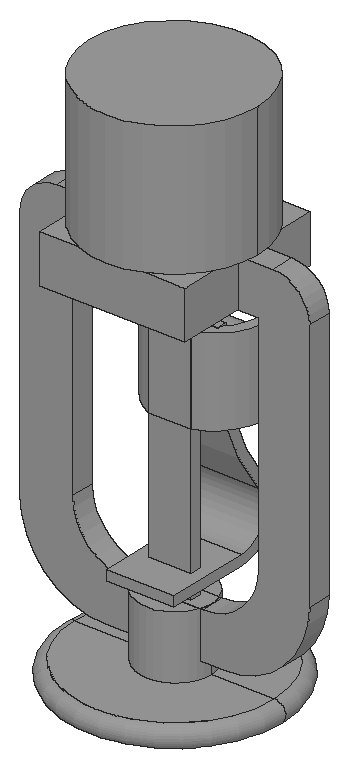
Revit family
Parameters (values of type "RASCO G PENDENT")
  Temperature Rating = 165 °F
  Response = (empty or 0)
  RASCO SIN # = "R1023"
  RASCO Part # = "GP17B"
  Pressure Rating = "175 PSI"
  Pressure Class = (empty or 0)
  Orifice Size = 7/16"
  Orifice = (empty or 0)
  Model = "G"
  Manufacturer = "RASCO"
  K-Factor = 4.24
  Description = "Bronze Finish"
  Coverage = (empty or 0)
Reference planes (in)
  plane 1 "Center (Front/Back)": y = 0
  plane 2: z = 0
  plane 3 "Center (Left/Right)": x = 0
Dimensions and locks (in)
  aligned and locked: plane 2 to level
Nested families (in)
  nested 1: "GP17B" at (-0.0055, 0, 2.93142) x (-1, 0, 0) z (0, 0, -1), type "RASCO G PENDENT"
Connectors (in)
  piping at (-0.0055, 0, 2.93142)
    settings: on nested 1, index 1, connector radius 0.45", flow factor 0, pipe flow 0 GPM, pressure drop 0.00 psi, fitting loss kfactor 0, connector angle 0.00°, fixture units 0, flow configuration 0, flow direction 0, fitting loss method 0, system type 7, connector reference index -1, connector utility 0, adjustable connector no, is connector primary yes, fitting loss table "", connector description ""
Definition of nested family "GP17B"
  Parameters (values of type "RASCO G PENDENT")
    Type Comments = ""
    Temperature Rating = 0 °F
    Response = (empty or 0)
    Pressure Rating = "0"
    Pressure Class = (empty or 0)
    Orifice Size = 0"
    Orifice = (empty or 0)
    Model = ""
    Manufacturer = ""
    K-Factor = 0
    Description = ""
    Coverage = (empty or 0)
    Assembly Code = ""
  Reference planes (in)
    plane 1 "Center (Front/Back)": y = 0
    plane 2: z = 0
    plane 3 "ref.2": z = 0.6875
    plane 4 "ref.3": z = 0.9375
    plane 5: x = -0.38065
    plane 6: x = 0.36935
    plane 7 "ref. side 1": y = 0.06402
    plane 8 "ref. side 2": y = -0.06098
    plane 9 "ref.4": z = 1.875
    plane 10 "ref.5": z = 2.875
    plane 11 "center": x = -0.00574
  Forms (in)
    Extrusion 1, solid, material "Default"
      sketch origin (0, 0, 0) x (1, 0, 0) y (0, 1, 0)
        loop
          circle (0, 0) r 0.438
      from 0 to 0.6875
    Extrusion 2, solid, material "Default"
      sketch origin (-0.12185, 0.05177, 0.6875) x (1, 0, 0) y (0, 1, 0)
        loop
          line (-0.2588, 0.356) -> (-0.2588, -0.4565) -> (0.4912, -0.4565) -> (0.4912, 0.356) -> (-0.2588, 0.356)
      from 0 to 0.25
    Extrusion 3, solid, material "Default"
      sketch origin (0, 0, 0) x (1, 0, 0) y (0, 0, 1)
        loop
          line (-0.49248, 0.9375) -> (-0.49248, 2.10276)
          arc (-0.49248, 2.10276) -> (-0.40724, 2.30855) -> (-0.20145, 2.39379) r 0.29103
          line (-0.20145, 2.39379) -> (0.18108, 2.39379)
          arc (0.18108, 2.39379) -> (0.38905, 2.30765) -> (0.47519, 2.09969) r 0.29411
          line (0.47519, 2.09969) -> (0.47519, 0.9375) -> (0.36935, 0.9375) -> (0.36935, 0.6875) -> (0.55741, 0.6875)
          arc (0.55741, 0.6875) -> (0.69165, 0.7431) -> (0.74725, 0.87734) r 0.18984
          line (0.74725, 0.87734) -> (0.74725, 2.19113)
          arc (0.74725, 2.19113) -> (0.61669, 2.50631) -> (0.3015, 2.63687) r 0.44574
          line (0.3015, 2.63687) -> (-0.30719, 2.63687)
          arc (-0.30719, 2.63687) -> (-0.62225, 2.50637) -> (-0.75275, 2.19131) r 0.44556
          line (-0.75275, 2.19131) -> (-0.75275, 0.87876)
          arc (-0.75275, 0.87876) -> (-0.69673, 0.74352) -> (-0.56149, 0.6875) r 0.19126
          line (-0.56149, 0.6875) -> (-0.38065, 0.6875) -> (-0.38065, 0.9375) -> (-0.49248, 0.9375)
      from -0.06402 to 0.06098
    Extrusion 4, solid, material "Default"
      sketch origin (-0.00199, 0, 2.4375) x (-1, 0, 0) y (0, -1, 0)
        loop
          circle (0.00574, -0.00152) r 0.1875
      from -0.04371 to 0.4375
    Revolve 5, solid, material "Default"
      sketch origin (-0.0011, 0, 0.30638) x (1, 0, 0) y (0, 0, 1)
        loop
          line (-0.00574, 2.41507) -> (-0.00574, 2.52719) -> (-0.52401, 2.52719)
          arc (-0.52401, 2.52719) -> (-0.58007, 2.47113) -> (-0.52401, 2.41507) r 0.05606
          line (-0.52401, 2.41507) -> (-0.00574, 2.41507)
        axis (-0.00574, 2.41507) -> (-0.00574, 2.52719)
      angle from 0 to 360
    Extrusion 6, solid, material "Default"
      sketch origin (0, 0, 0.9375) x (-1, 0, 0) y (0, -1, 0)
        loop
          line (-0.10175, -0.02852) -> (0.11324, -0.02852) -> (0.11324, 0.03101) -> (-0.10175, 0.03101) -> (-0.10175, -0.02852)
      from 0 to 1.45629
    Extrusion 7, solid, material "Default"
      sketch origin (-0.00574, -0.0095, -0.07537) x (0, 0, -1) y (0, -1, 0)
        loop
          line (-2.39379, 0.21198) -> (-2.39379, -0.229)
          arc (-2.39379, -0.229) -> (-2.26956, -0.41579) -> (-2.04926, -0.37342) r 0.20254
          arc (-2.04926, -0.37342) -> (-1.6599, -0.16721) -> (-1.22163, -0.12207) r 1.15319
          line (-1.22163, -0.12207) -> (-1.22163, -0.07087)
          arc (-1.22163, -0.07087) -> (-1.6782, -0.11947) -> (-2.0834, -0.33544) r 1.20419
          arc (-2.0834, -0.33544) -> (-2.24878, -0.36919) -> (-2.34279, -0.229) r 0.15154
          line (-2.34279, -0.229) -> (-2.34279, 0.21198) -> (-2.39379, 0.21198)
      from -0.17255 to 0.17398
    Extrusion 8, solid, material "Default"
      sketch origin (0, 0, 0) x (1, 0, 0) y (0, 1, 0)
        loop
          arc (0.23993, 0.23051) -> (0.19768, 0.11115) -> (0.10175, 0.02852) r 0.24647
          line (0.10175, 0.02852) -> (-0.11324, 0.02852)
          arc (-0.11324, 0.02852) -> (-0.21767, 0.12447) -> (-0.25194, 0.2621) r 0.24647
          line (-0.25194, 0.2621) -> (-0.25194, 0.40777) -> (-0.30719, 0.40777) -> (-0.30719, 0.25942)
          arc (-0.30719, 0.25942) -> (-0.25653, 0.08328) -> (-0.11324, -0.03101) r 0.30157
          line (-0.11324, -0.03101) -> (0.10175, -0.03101)
          arc (0.10175, -0.03101) -> (0.24461, 0.08262) -> (0.29574, 0.25785) r 0.30157
          line (0.29574, 0.25785) -> (0.29574, 0.40777) -> (0.23993, 0.40777) -> (0.23993, 0.23051)
      from 1.14626 to 1.59756
    Extrusion 9, solid, material "Default"
      sketch origin (-0.00574, -0.0095, -0.07537) x (0, 0, -1) y (0, -1, 0)
        loop
          circle (-1.44728, -0.26892) r 0.13147
      from -0.24568 to 0.24619
  Cuts and joins
    joined: Extrusion 1, Extrusion 2, Revolve 5
  Dimensions and locks (in)
    plane 10 "ref.5" to level = 2.875"
